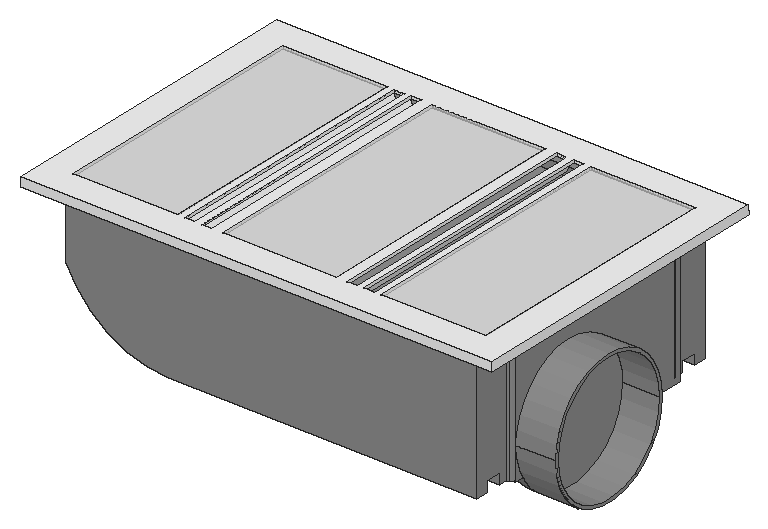
Revit family "Reece_Accessory_Kado_Lux_3 in 1 Heat Lamp, Exhaust Fan and LED", category Mechanical Equipment, host Face, Revit 2018
Family settings
  Host = Face
  Round Connector Dimension = Use Diameter
  Classification = None
  Part Type = Normal
  Cut with Voids When Loaded = No
  Shared = Yes
  Room Calculation Point = Yes
Parameters (values of type "530 mm x 360 mm_White")
  URL = "https://www.reece.com.au/product/-2053301"
  Type Comments = "Accessory"
  Reece_Product_Web Page = "https://www.reece.com.au/product/-2053301"
  Reece_Product_Type = "Accessory"  # constant formula
  Reece_Product_Sub Brand = "Lux"  # constant formula
  Reece_Product_Number = "2053301"
  Reece_Product_Mount = "Ceiling Mounted"
  Reece_Product_Description = "Kado Lux 3-in-1 Heat Lamp Exhaust White"
  Reece_Product_Brand = "Kado"  # constant formula
  Reece_Overall_Width = 530 mm  # constant formula
  Reece_Overall_Length = 360 mm  # constant formula
  Reece_Mechanical_Max Airflow = 330 m³/h  # constant formula
  Reece_Mechanical_Duct_Diameter = 150 mm  # constant formula
  Reece_Material_Secondary = Reece_Metal_Galvanised
  Reece_Material_Colour = Reece_Plastic_Frosted
  Reece_Material_Base = Reece_Glass_Frosted
  Reece_Material-Main = Reece_Metal_White
  Reece_Installation_Minimum Depth = 220 mm  # constant formula
  Reece_Equipment_Weight = 7.86 kg  # constant formula
  Reece_Electrical_Voltage_Min = 220 V  # constant formula
  Reece_Electrical_Voltage_Max = 240 V  # constant formula
  Reece_Electrical_Voltage = 240 V  # constant formula
  Reece_Electrical_LED Light_Wattage = 18 W  # constant formula
  Reece_Electrical_IP Rating = "IPX4"  # constant formula
  Reece_Electrical_Heat_Wattage = 800 W  # constant formula
  Reece_Electrical_Frequency = 50 Hz  # constant formula
  Reece_Electrical_Fan Power_Wattage = 65 W  # constant formula
  Reece_Detail_Note = "Electrical input required. Refer to web page for further details."  # constant formula
  Reece_Detail_Installation = "3 in 1 Heater, Exhaust Fan and LED"  # constant formula
  Reece_Detail_Disclaimer = "THIS FILE IS THE PROPERTY OF THE REECE GROUP. IT MAY NOT BE REPRODUCED, REVERSE-ENGINEERED OR MODIFIED. ANY REPUBLICATION, TRANSMISSION OR DISTRIBUTION FOR THE PURPOSE OF COMMERCIALLY EXPLOITING THE FILES IS PROHIBITED."  # constant formula
  Reece_Detail_Connector = "Hardwired"  # constant formula
  Reece_Ceiling_Cutout_Width = 505 mm  # constant formula
  Reece_Ceiling_Cutout_Length = 330 mm  # constant formula
  Model = "Lux"
  Manufacturer = "Kado"
  Keynote = "Product #2053301, Reece_Accessory_Kado_Lux_3 in 1 Heat Lamp, Exhaust Fan and LED - 530 mm x 360 mm_White"
  Disclaimer = "THIS FILE IS THE PROPERTY OF THE REECE GROUP. IT MAY NOT BE REPRODUCED, REVERSE-ENGINEERED OR MODIFIED. ANY REPUBLICATION, TRANSMISSION OR DISTRIBUTION FOR THE PURPOSE OF COMMERCIALLY EXPLOITING THE FILES IS PROHIBITED."  # constant formula
  Description = "Kado Lux 3-in-1 Heat Lamp Exhaust White"
  Default Elevation = 0 mm
Types (2, lengths in mm): name | Keynote
  (no name) | "Product #2053301, Reece_Accessory_Kado_Lux_3 in 1 Heat Lamp, Exhaust Fan and LED -  "
  530 mm x 360 mm_White | "Product #2053301, Reece_Accessory_Kado_Lux_3 in 1 Heat Lamp, Exhaust Fan and LED - 530 mm x 360 mm_White"
Reference planes
  plane 1 "Center (Front/Back)": y = -79.125
  plane 2 "Ceiling": z = 0
  plane 3 "Center (Left/Right)": x = 0
  plane 4: y = 100.875
  plane 5: x = 265
  plane 6: x = -265
  plane 7: y = -259.125
  plane 8: y = 85.875
  plane 9: y = -244.125
  plane 10: x = -252.5
  plane 11: x = 252.5
  plane 12: x = -64
  plane 13: x = 64
  plane 14 "Light Source": z = 10
  plane 15: z = -195
  plane 16: z = -220
Forms (mm)
  Sweep 1, solid, material "Reece_Metal_White" <- "Reece_Material-Main"
    path origin (0, 0, 10) x (1, 0, 0) y (0, 1, 0)
      loop
        line (-265, 100.875) -> (-265, -259.125) -> (265, -259.125) -> (265, 100.875) -> (-265, 100.875)
    profile origin (-265, -79.125, 10) x (1, 0, 0) y (0, 0, 1)
      loop
        line (0, -10) -> (3, -10) -> (3, -3) -> (33, -3) -> (33, 0) -> (0, 0) -> (0, -10)
  Extrusion 2, void
    sketch origin (0, 0, 0) x (1, 0, 0) y (0, 1, 0)
      loop
        line (-252.5, 85.875) -> (-252.5, -244.125) -> (252.5, -244.125) -> (252.5, 85.875) -> (-252.5, 85.875)
    from 0 to -220
  Extrusion 3, solid, material "Reece_Metal_White" <- "Reece_Material-Main"
    sketch origin (0, -163.125, 10) x (1, 0, 0) y (0, 0, 1)
      loop
        line (95, 0) -> (88, 0) -> (88, -3) -> (89.311, -3) -> (83.009, -15) -> (86.398, -15) -> (92.699, -3) -> (95, -3) -> (95, 0)
      loop
        line (64, 0) -> (64, -3) -> (76, -3) -> (76, 0) -> (64, 0)
      loop
        line (114, 0) -> (107, 0) -> (107, -3) -> (108.311, -3) -> (102.009, -15) -> (105.398, -15) -> (111.699, -3) -> (114, -3) -> (114, 0)
      loop
        line (-95, 0) -> (-95, -3) -> (-92.699, -3) -> (-86.398, -15) -> (-83.009, -15) -> (-89.311, -3) -> (-88, -3) -> (-88, 0) -> (-95, 0)
      loop
        line (-64, 0) -> (-76, 0) -> (-76, -3) -> (-64, -3) -> (-64, 0)
      loop
        line (-114, 0) -> (-114, -3) -> (-111.699, -3) -> (-105.398, -15) -> (-102.009, -15) -> (-108.311, -3) -> (-107, -3) -> (-107, 0) -> (-114, 0)
    from 63 to -231
  Extrusion 4, solid, material "Reece_Plastic_Frosted" <- "Reece_Material_Colour"
    sketch origin (0, 0, 0) x (1, 0, 0) y (0, 1, 0)
      loop
        line (-64, 67.875) -> (-64, -226.125) -> (64, -226.125) -> (64, 67.875) -> (-64, 67.875)
    from 8 to 10
  Extrusion 5, solid, material "Reece_Glass_Frosted" <- "Reece_Material_Base"
    sketch origin (0, 0, 0) x (1, 0, 0) y (0, 1, 0)
      loop
        line (-232, 67.875) -> (-232, -226.125) -> (-114, -226.125) -> (-114, 67.875) -> (-232, 67.875)
      loop
        line (232, 67.875) -> (114, 67.875) -> (114, -226.125) -> (232, -226.125) -> (232, 67.875)
    from 8 to 10
  Extrusion 6, solid, material "Reece_Metal_White" <- "Reece_Material-Main"
    sketch origin (0, 0, 0) x (1, 0, 0) y (0, 1, 0)
      loop
        line (-234, 69.875) -> (-234, -228.125) -> (-112, -228.125) -> (-112, 69.875) -> (-234, 69.875)
      loop
        line (234, 69.875) -> (112, 69.875) -> (112, -228.125) -> (234, -228.125) -> (234, 69.875)
      loop
        line (-66, 69.875) -> (-66, -228.125) -> (66, -228.125) -> (66, 69.875) -> (-66, 69.875)
    from 5 to 7
Cuts and joins
  joined: Sweep 1, Extrusion 3
Text (mm)
  text "Reece Copyright © 2018, Reece Ltd." at (364.915, -526.77, 0), in view "Ref. Level"
  text "Reece ©" at (-396.621, -854.08, -479.68), in view "Reece Preview"
Dimensions and locks
  equal spacing: plane 6, plane 3 "Center (Left/Right)", plane 5
  equal spacing: plane 4, plane 1 "Center (Front/Back)", plane 7
  "Reece_Overall_Width": plane 6 to plane 5
  "Reece_Overall_Length": plane 4 to plane 7
  "Reece_Ceiling_Cutout_Length": plane 8 to plane 9
  equal spacing: plane 8, plane 1 "Center (Front/Back)", plane 9
  "Reece_Ceiling_Cutout_Width": plane 10 to plane 11
  equal spacing: plane 10, plane 3 "Center (Left/Right)", plane 11
  plane 14 "Light Source" to level = 10 mm
  level to plane 15 = 195 mm
  "Reece_Installation_Minimum Depth": level to plane 16
  aligned and locked: plane 2 "Ceiling" to host face
  aligned and locked: level to host face
  aligned and locked: plane 6 to Sweep 1 sketch curve
  aligned and locked: Sweep 1 sketch curve to plane 4
  aligned and locked: Sweep 1 sketch curve to plane 5
  aligned and locked: Sweep 1 sketch curve to plane 7
  aligned and locked: cut or joined group of Sweep 1, Extrusion 3 to cut or joined group of Sweep 1, Extrusion 3  (x2)
Automatic sketch dimensions
  host sketch curve to host sketch curve = 696.216 mm
  host sketch curve to host sketch curve = 618.927 mm
  profile plane to Sweep 1 sketch curve = 0 mm
  Sweep 1 sketch curve to profile plane = 0 mm
  Sweep 1 sketch curve to profile plane = 3 mm  (x2)
  Sweep 1 sketch curve to Sweep 1 sketch curve = 30 mm
  Sweep 1 sketch curve to Sweep 1 sketch curve = 7 mm
  Extrusion 2 sketch curve to plane 6 = 12.5 mm
  Extrusion 2 sketch curve to plane 5 = 12.5 mm
  Extrusion 2 sketch curve to plane 7 = 15 mm
  Extrusion 2 sketch curve to plane 4 = 15 mm
  Extrusion 3 sketch curve to plane 12 = 0 mm
  Extrusion 3 sketch curve to plane 13 = 0 mm
  Extrusion 3 sketch curve to Extrusion 3 sketch curve = 12 mm  (x5)
  Extrusion 3 sketch curve to level = 5 mm  (x4)
  Extrusion 3 sketch curve to Extrusion 3 sketch curve = 7.009 mm  (x4)
  Extrusion 3 sketch curve to Extrusion 3 sketch curve = 3.389 mm  (x8)
  level to Extrusion 3 sketch curve = 7 mm  (x6)
  Extrusion 3 sketch curve to Extrusion 3 sketch curve = 1.311 mm  (x4)
  Extrusion 3 sketch curve to Extrusion 3 sketch curve = 2.301 mm  (x4)
  plane 13 to Extrusion 3 sketch curve = 12 mm
  Extrusion 3 sketch curve to Extrusion 3 sketch curve = 0 mm  (x4)
  Extrusion 3 sketch curve to Extrusion 3 sketch curve = 3 mm  (x6)
  Extrusion 4 sketch curve to plane 12 = 0 mm
  Extrusion 4 sketch curve to plane 13 = 0 mm
  Extrusion 4 sketch curve to plane 9 = 18 mm
  Extrusion 4 sketch curve to plane 8 = 18 mm
  Extrusion 5 sketch curve to plane 10 = 20.5 mm
  Extrusion 5 sketch curve to plane 9 = 18 mm  (x2)
  Extrusion 5 sketch curve to plane 12 = 50 mm
  plane 13 to Extrusion 5 sketch curve = 50 mm
  Extrusion 5 sketch curve to plane 11 = 20.5 mm
  Extrusion 5 sketch curve to plane 8 = 18 mm  (x2)
  Extrusion 6 sketch curve to plane 10 = 18.5 mm
  Extrusion 6 sketch curve to plane 9 = 16 mm  (x3)
  Extrusion 6 sketch curve to plane 12 = 48 mm
  Extrusion 6 sketch curve to plane 12 = 2 mm
  plane 13 to Extrusion 6 sketch curve = 2 mm
  Extrusion 6 sketch curve to plane 8 = 16 mm  (x3)
  Extrusion 6 sketch curve to Extrusion 6 sketch curve = 46 mm
  Extrusion 6 sketch curve to plane 11 = 18.5 mm
Nested families
  nested 1: "Reece_Accessory_Kado_Lux_3 in 1 Heat Lamp, Exhaust Fan and LED_Nested" at (0, 0, 0), Reece_Material_Secondary <- "Reece_Material_Secondary", type "Reece_Accessory_Kado_Lux_3 in 1 Heat Lamp, Exhaust Fan and LED_Nested"
    with Reece_Material_Secondary Reece_Metal_Galvanised
  nested 2: "Reece_Accessory_Kado_Lux_3 in 1 Heat Lamp_LED Panel" at (0, -79.125, 10), Reece_Electrical_LED Light_Wattage <- "Reece_Electrical_LED Light_Wattage", type "Reece_Accessory_Kado_Lux_3 in 1 Heat Lamp_LED Panel"
    with Reece_Electrical_LED Light_Wattage 18 W
  nested 3: "Reece_Accessory_Kado_Lux_3 in 1 Heat Lamp" at (173, -79.125, 10) x (-1, 0, 0) z (0, 0, 1), Reece_Electrical_Heat_Wattage <- "Reece_Electrical_Heat_Wattage", type "Reece_Accessory_Kado_Lux_3 in 1 Heat Lamp"
  nested 4: "Reece_Accessory_Kado_Lux_3 in 1 Heat Lamp" at (-173, -79.125, 10), Reece_Electrical_Heat_Wattage <- "Reece_Electrical_Heat_Wattage", type "Reece_Accessory_Kado_Lux_3 in 1 Heat Lamp"
Connectors
  electrical at (-138.217, -79.125, -135), driven by "Reece_Electrical_Voltage"
    settings: on nested 1, index 2, voltage 240 V, apparent load 0 VA, apparent load phase1 0 VA, apparent load phase2 0 VA, apparent load phase3 0 VA, power factor 1, load classification "HVAC", number of poles 1, system type 30, power factor state 1, is connector primary yes, connector utility no, sub classification motor no, connector description ""
  hvac at (242.5, -119.973, -110.955), driven by "Reece_Mechanical_Duct_Diameter", driven by "Reece_Mechanical_Max Airflow"
    settings: on nested 1, index 3, duct flow 330 m³/h, flow factor 0, pres drop 0.0 Pa, loss coef 0, conn angle 0.00°, conn width 304.8 mm, conn height 304.8 mm, conn diameter 150 mm, duct sys type 3, conn prof type 0, flow config 1, flow direction 2, loss method 0, conn ref index -1, conn util no, is conn primary yes, conn desc ""
Definition of nested family "Reece_Accessory_Kado_Lux_3 in 1 Heat Lamp, Exhaust Fan and LED_Nested"
  Parameters (values of type "Reece_Accessory_Kado_Lux_3 in 1 Heat Lamp, Exhaust Fan and LED_Nested")
    URL = ""
    Type Comments = ""
    Reece_Material_Secondary [instance] = none
    Model = ""
    Manufacturer = ""
    Keynote = ""
    Description = ""
    Default Elevation = 0 mm
    Cost = 0
    Assembly Code = ""
  Reference planes
    plane 1 "Center (Front/Back)": y = -79.125
    plane 2: z = 0
    plane 3 "Center (Left/Right)": x = 0
    plane 4: y = 80.875
    plane 5: y = -239.125
    plane 6: z = -195
    plane 7 "Outlet Centre": y = -119.973
    plane 8: x = -240
    plane 9: x = 240
  Forms (mm)
    Extrusion 1, solid
      sketch origin (619.2, -619.2, 0) x (1, 0, 0) y (0, 1, 0)
        loop
          line (-961.127, 847.842) -> (-961.127, 228.915) -> (-264.911, 228.915) -> (-264.911, 847.842) -> (-961.127, 847.842)
      from 0 to -10
    Extrusion 2, solid, material <- "Reece_Material_Secondary"
      sketch origin (195, -199.973, -179.522) x (0, 1, 0) y (0, 0, 1)
        loop
          circle (80, 68.567) r 75
      from 45 to 90
    Extrusion 3, void
      sketch origin (194.5, -199.973, -179.522) x (0, 1, 0) y (0, 0, 1)
        loop
          circle (80, 68.567) r 72
      from 48 to 101.628
    Extrusion 4, solid, material <- "Reece_Material_Secondary"
      sketch origin (0, 0, 10) x (0, 1, 0) y (0, 0, 1)
        loop
          line (80.875, -10) -> (-239.125, -10) -> (-239.125, -158) -> (-224.812, -158) -> (-224.812, -146) -> (-206.812, -146) -> (-206.812, -158) -> (-23.295, -158) -> (48.563, -158) -> (48.563, -146) -> (66.563, -146) -> (66.563, -158) -> (80.875, -158) -> (80.875, -10)
      from 240 to -104.5
    Extrusion 5, solid, material <- "Reece_Material_Secondary"
      sketch origin (13, -79.125, 10) x (1, 0, 0) y (0, 0, 1)
        loop
          line (-252.5, -10) -> (-252.5, -32.133)
          arc (-252.5, -32.133) -> (-215.634, -121.134) -> (-126.633, -158) r 125.867
          line (-126.633, -158) -> (-117.5, -158) -> (-117.5, -10) -> (-252.5, -10)
      from 160 to -160
    Extrusion 6, void
      sketch origin (-7.809, -158.249, 0) x (-1, 0, 0) y (0, -1, 0)
        loop
          line (231.691, -240.459) -> (231.691, -194.085) -> (230.709, -194.085)
          arc (230.709, -194.085) -> (224.332, -196.726) -> (221.691, -203.103) r 9.017
          line (221.691, -203.103) -> (221.691, -249.125) -> (223.026, -249.125)
          arc (223.026, -249.125) -> (229.153, -246.587) -> (231.691, -240.459) r 8.665
      from -5.355 to -220
    Extrusion 7, void
      sketch origin (-7.809, 0, 0) x (-1, 0, 0) y (0, -1, 0)
        loop
          arc (231.691, 240.459) -> (229.153, 246.587) -> (223.026, 249.125) r 8.665
          line (223.026, 249.125) -> (221.691, 249.125) -> (221.691, 203.103)
          arc (221.691, 203.103) -> (224.332, 196.726) -> (230.709, 194.085) r 9.017
          line (230.709, 194.085) -> (231.691, 194.085) -> (231.691, 240.459)
      from -5.355 to -220
    Extrusion 8, void
      sketch origin (2.5, 0, 0) x (1, 0, 0) y (0, 1, 0)
        loop
          line (-107, 40.875) -> (-143.309, 40.875)
          arc (-143.309, 40.875) -> (-168.058, 30.624) -> (-178.309, 5.875) r 35
          line (-178.309, 5.875) -> (-178.309, -159.339) -> (-178.309, -164.125)
          arc (-178.309, -164.125) -> (-168.058, -188.873) -> (-143.309, -199.125) r 35
          line (-143.309, -199.125) -> (-107, -199.125) -> (-107, 40.875)
      from -135 to -222
    Extrusion 9, solid, material <- "Reece_Material_Secondary"
      sketch origin (0, 13.76, 0) x (1, 0, 0) y (0, 1, 0)
        loop
          line (-104.5, -95.625) -> (-25, -95.625) -> (-25, -62.625) -> (-104.5, -62.625) -> (-104.5, -95.625)
      from -148 to -162
    Extrusion 10, solid, material <- "Reece_Material_Secondary"
      sketch origin (15, 25.01, 0) x (1, 0, 0) y (0, 1, 0)
        loop
          circle (33.842, -91.537) r 58
      from -192 to -195
    Extrusion 11, void
      sketch origin (14.035, 43.16, 0) x (1, 0, 0) y (0, 1, 0)
        loop
          arc (32.807, -90.734) -> (34.807, -92.734) -> (36.807, -90.734) r 2
          line (36.807, -90.734) -> (36.807, -58.687)
          arc (36.807, -58.687) -> (34.807, -56.687) -> (32.807, -58.687) r 2
          line (32.807, -58.687) -> (32.807, -90.734)
        loop
          arc (40.688, -91.559) -> (41.702, -94.199) -> (44.342, -93.186) r 2
          line (44.342, -93.186) -> (57.377, -63.909)
          arc (57.377, -63.909) -> (56.364, -61.269) -> (53.723, -62.282) r 2
          line (53.723, -62.282) -> (40.688, -91.559)
        loop
          arc (47.553, -95.518) -> (47.405, -98.343) -> (50.23, -98.491) r 2
          line (50.23, -98.491) -> (74.045, -77.047)
          arc (74.045, -77.047) -> (74.193, -74.223) -> (71.369, -74.075) r 2
          line (71.369, -74.075) -> (47.553, -95.518)
        loop
          arc (52.22, -117.431) -> (49.488, -118.163) -> (50.22, -120.895) r 2
          line (50.22, -120.895) -> (77.974, -136.919)
          arc (77.974, -136.919) -> (80.706, -136.187) -> (79.974, -133.455) r 2
          line (79.974, -133.455) -> (52.22, -117.431)
        loop
          arc (47.565, -123.844) -> (44.771, -123.402) -> (44.329, -126.195) r 2
          line (44.329, -126.195) -> (63.166, -152.122)
          arc (63.166, -152.122) -> (65.959, -152.565) -> (66.402, -149.771) r 2
          line (66.402, -149.771) -> (47.565, -123.844)
        loop
          arc (52.214, -101.928) -> (50.93, -104.448) -> (53.45, -105.732) r 2
          line (53.45, -105.732) -> (83.928, -95.829)
          arc (83.928, -95.829) -> (85.213, -93.309) -> (82.692, -92.025) r 2
          line (82.692, -92.025) -> (52.214, -101.928)
        loop
          arc (53.865, -109.679) -> (51.667, -111.459) -> (53.447, -113.657) r 2
          line (53.447, -113.657) -> (85.318, -117.007)
          arc (85.318, -117.007) -> (87.516, -115.227) -> (85.736, -113.029) r 2
          line (85.736, -113.029) -> (53.865, -109.679)
        loop
          arc (40.703, -127.81) -> (38.331, -126.269) -> (36.791, -128.641) r 2
          line (36.791, -128.641) -> (43.454, -159.988)
          arc (43.454, -159.988) -> (45.826, -161.529) -> (47.366, -159.156) r 2
          line (47.366, -159.156) -> (40.703, -127.81)
        loop
          arc (25.284, -126.195) -> (24.842, -123.402) -> (22.048, -123.844) r 2
          line (22.048, -123.844) -> (3.211, -149.771)
          arc (3.211, -149.771) -> (3.654, -152.565) -> (6.448, -152.122) r 2
          line (6.448, -152.122) -> (25.284, -126.195)
        loop
          arc (19.393, -120.895) -> (20.125, -118.163) -> (17.393, -117.431) r 2
          line (17.393, -117.431) -> (-10.361, -133.455)
          arc (-10.361, -133.455) -> (-11.093, -136.187) -> (-8.361, -136.919) r 2
          line (-8.361, -136.919) -> (19.393, -120.895)
        loop
          arc (16.167, -113.657) -> (17.947, -111.459) -> (15.748, -109.679) r 2
          line (15.748, -109.679) -> (-16.123, -113.029)
          arc (-16.123, -113.029) -> (-17.903, -115.227) -> (-15.705, -117.007) r 2
          line (-15.705, -117.007) -> (16.167, -113.657)
        loop
          arc (32.822, -128.641) -> (31.282, -126.269) -> (28.91, -127.81) r 2
          line (28.91, -127.81) -> (22.247, -159.156)
          arc (22.247, -159.156) -> (23.787, -161.529) -> (26.159, -159.988) r 2
          line (26.159, -159.988) -> (32.822, -128.641)
        loop
          arc (19.384, -98.491) -> (22.208, -98.343) -> (22.06, -95.518) r 2
          line (22.06, -95.518) -> (-1.756, -74.075)
          arc (-1.756, -74.075) -> (-4.58, -74.223) -> (-4.432, -77.047) r 2
          line (-4.432, -77.047) -> (19.384, -98.491)
        loop
          arc (25.271, -93.186) -> (27.911, -94.199) -> (28.925, -91.559) r 2
          line (28.925, -91.559) -> (15.89, -62.282)
          arc (15.89, -62.282) -> (13.25, -61.269) -> (12.236, -63.909) r 2
          line (12.236, -63.909) -> (25.271, -93.186)
        loop
          arc (16.163, -105.732) -> (18.683, -104.448) -> (17.399, -101.928) r 2
          line (17.399, -101.928) -> (-13.079, -92.025)
          arc (-13.079, -92.025) -> (-15.599, -93.309) -> (-14.315, -95.829) r 2
          line (-14.315, -95.829) -> (16.163, -105.732)
      from -179.573 to -221.367
    Extrusion 12, void
      sketch origin (15, 25.01, 0) x (1, 0, 0) y (0, 1, 0)
        loop
          circle (33.842, -91.537) r 73
      from -100 to -160
    Extrusion 13, void
      sketch origin (13, -79.125, 10) x (1, 0, 0) y (0, 0, 1)
        loop
          line (-117.5, -146) -> (-126.633, -146)
          arc (-126.633, -146) -> (-187.326, -128.477) -> (-229.338, -81.3) r 113.867
          line (-229.338, -81.3) -> (-253.292, -81.3)
          arc (-253.292, -81.3) -> (-199.565, -146.766) -> (-117.5, -167.693) r 135.867
          line (-117.5, -167.693) -> (-117.5, -146)
      from -127.688 to -145.688
    Extrusion 14, void
      sketch origin (13, -79.125, 10) x (1, 0, 0) y (0, 0, -1)
        loop
          line (-117.5, 146) -> (-117.5, 167.693)
          arc (-117.5, 167.693) -> (-199.565, 146.766) -> (-253.292, 81.3) r 135.867
          line (-253.292, 81.3) -> (-229.338, 81.3)
          arc (-229.338, 81.3) -> (-187.326, 128.477) -> (-126.633, 146) r 113.867
          line (-126.633, 146) -> (-117.5, 146)
      from -127.688 to -145.688
    Extrusion 15, void
      sketch origin (8.309, 0, 10) x (1, 0, 0) y (0, 1, 0)
        loop
          line (231.691, -240.459) -> (231.691, -194.085) -> (230.709, -194.085)
          arc (230.709, -194.085) -> (227.687, -194.607) -> (225.015, -196.111) r 9.017
          arc (225.015, -196.111) -> (224.039, -197.353) -> (223.691, -198.895) r 3.591
          line (223.691, -198.895) -> (223.691, -249.099)
          arc (223.691, -249.099) -> (229.384, -246.347) -> (231.691, -240.459) r 8.665
        loop
          arc (231.691, 82.21) -> (229.384, 88.097) -> (223.691, 90.85) r 8.665
          line (223.691, 90.85) -> (223.691, 40.645)
          arc (223.691, 40.645) -> (224.039, 39.104) -> (225.015, 37.861) r 3.591
          arc (225.015, 37.861) -> (227.687, 36.357) -> (230.709, 35.836) r 9.017
          line (230.709, 35.836) -> (231.691, 35.836) -> (231.691, 82.21)
      from -5.355 to -220
    Extrusion 16, solid, material <- "Reece_Material_Secondary"
      sketch origin (15, 25.01, 0) x (1, 0, 0) y (0, 1, 0)
        loop
          circle (33.842, -91.537) r 78
      from -148 to -162
    Extrusion 17, solid, material <- "Reece_Material_Secondary"
      sketch origin (15, 25.01, 0) x (1, 0, 0) y (0, 1, 0)
        loop
          circle (33.842, -91.537) r 58
        loop
          circle (33.842, -91.537) r 55
      from -192 to -162
    Revolve 18, solid, material <- "Reece_Material_Secondary"
      sketch origin (-12.5, -119.973, 0) x (1, 0, 0) y (0, 0, 1)
        loop
          line (252.5, -185.955) -> (252.5, -136) -> (181.805, -136)
          arc (181.805, -136) -> (209.218, -172.206) -> (252.5, -185.955) r 75
        axis (252.5, -185.955) -> (252.5, -136)
      angle from -90 to 90
    Extrusion 19, void
      sketch origin (13, -79.125, 10) x (1, 0, 0) y (0, 0, 1)
        loop
          line (-223.427, -127.479) -> (-223.427, -110.02)
          arc (-223.427, -110.02) -> (-232.917, -96.256) -> (-240.389, -81.3) r 119.285
          line (-240.389, -81.3) -> (-253.292, -81.3)
          arc (-253.292, -81.3) -> (-240.72, -105.916) -> (-223.427, -127.479) r 135.867
      from -75 to 75
    Extrusion 20, void
      sketch origin (0, 0, 0) x (1, 0, 0) y (0, 1, 0)
        loop
          line (220, 68.875) -> (-228, 68.875) -> (-228, -227.125) -> (220, -227.125) -> (220, 68.875)
      from 0 to -10
  Cuts and joins
    Extrusion 11, Extrusion 12, Extrusion 15, Extrusion 19 cuts Extrusion 10
    Extrusion 19 cuts Extrusion 17
    joined: Extrusion 10, Extrusion 17
    Extrusion 3, Extrusion 19, Extrusion 20 cuts Extrusion 2
    Extrusion 3, Extrusion 12, Extrusion 15, Extrusion 19, Extrusion 20 cuts Extrusion 4
    Extrusion 6, Extrusion 7, Extrusion 8, Extrusion 13, Extrusion 14, Extrusion 19, Extrusion 20 cuts Extrusion 5
    Extrusion 19, Extrusion 20 cuts Extrusion 9
    Extrusion 12, Extrusion 19, Extrusion 20 cuts Extrusion 16
    Extrusion 19, Extrusion 20 cuts Revolve 18
    joined: Extrusion 2, Extrusion 4, Extrusion 5, Extrusion 9, Extrusion 16, Revolve 18
  Text (mm)
    text "Reece Copyright © 2018, Reece Ltd." at (-1108.834, -679.227, 0), in view "Ref. Level"
    text "Reece ©" at (78.306, 240.076, 139.55), in view "Reece Preview"
  Dimensions and locks
    plane 4 to plane 5 = 320 mm
    equal spacing: plane 4, plane 1 "Center (Front/Back)", plane 5
    plane 2 to plane 6 = 195 mm  (x2)
    equal spacing: plane 8, plane 3 "Center (Left/Right)", plane 9
    plane 8 to plane 9 = 480 mm
    aligned and locked: plane 2 to Extrusion 1
    aligned and locked: level to Extrusion 1
  Automatic sketch dimensions
    Extrusion 1 sketch curve to Extrusion 1 sketch curve = 696.216 mm
    Extrusion 1 sketch curve to Extrusion 1 sketch curve = 618.927 mm
    plane 1 "Center (Front/Back)" to Extrusion 2 sketch curve = 40.848 mm
    plane 1 "Center (Front/Back)" to Extrusion 3 sketch curve = 40.848 mm
    Extrusion 4 sketch curve to plane 5 = 0 mm
    Extrusion 4 sketch curve to plane 4 = 0 mm
    Extrusion 4 sketch curve to plane 5 = 14.312 mm
    Extrusion 4 sketch curve to plane 1 "Center (Front/Back)" = 55.829 mm
    Extrusion 4 sketch curve to plane 4 = 14.312 mm
    Extrusion 5 sketch curve to Extrusion 5 sketch curve = 9.133 mm
    Extrusion 6 sketch curve to Extrusion 6 sketch curve = 0.983 mm
    plane 4 to Extrusion 6 sketch curve = 1.335 mm
    Extrusion 6 sketch curve to Extrusion 6 sketch curve = 8.665 mm
    Extrusion 6 sketch curve to Extrusion 6 sketch curve = 9.017 mm
    Extrusion 7 sketch curve to Extrusion 7 sketch curve = 0.983 mm
    Extrusion 7 sketch curve to plane 5 = 1.335 mm
    Extrusion 7 sketch curve to Extrusion 7 sketch curve = 8.665 mm
    Extrusion 8 sketch curve to Extrusion 8 sketch curve = 35 mm  (x2)
    Extrusion 8 sketch curve to Extrusion 8 sketch curve = 36.309 mm
    Extrusion 9 sketch curve to plane 3 "Center (Left/Right)" = 104.5 mm
    Extrusion 9 sketch curve to plane 3 "Center (Left/Right)" = 25 mm
    Extrusion 9 sketch curve to plane 1 "Center (Front/Back)" = 30.26 mm
    Extrusion 10 sketch curve to plane 1 "Center (Front/Back)" = 12.598 mm
    plane 3 "Center (Left/Right)" to Extrusion 10 sketch curve = 48.842 mm
    Extrusion 12 sketch curve to plane 1 "Center (Front/Back)" = 12.598 mm
    plane 3 "Center (Left/Right)" to Extrusion 12 sketch curve = 48.842 mm
    Extrusion 13 sketch curve to Extrusion 13 sketch curve = 9.133 mm
    Extrusion 14 sketch curve to Extrusion 14 sketch curve = 9.133 mm
    Extrusion 4 sketch curve to Extrusion 4 sketch curve = 12 mm  (x4)
    Extrusion 2 sketch curve to level = 110.955 mm
    Extrusion 3 sketch curve to level = 110.955 mm
    Extrusion 4 sketch curve to level = 148 mm
    Extrusion 4 sketch curve to level = 0 mm
    Extrusion 5 sketch curve to level = 148 mm
    Extrusion 5 sketch curve to level = 0 mm
    Extrusion 13 sketch curve to Extrusion 13 sketch curve = 21.693 mm
    Extrusion 14 sketch curve to level = 71.3 mm
    plane 1 "Center (Front/Back)" to Extrusion 9 sketch curve = 2.74 mm
    Extrusion 4 sketch curve to Extrusion 4 sketch curve = 18 mm  (x2)
    Extrusion 6 sketch curve to plane 4 = 36.022 mm
    Extrusion 7 sketch curve to Extrusion 7 sketch curve = 9.017 mm
    plane 5 to Extrusion 7 sketch curve = 36.022 mm
    plane 1 "Center (Front/Back)" to Extrusion 8 sketch curve = 80.215 mm
    Extrusion 5 sketch curve to level = 22.133 mm
    Extrusion 16 sketch curve to plane 1 "Center (Front/Back)" = 12.598 mm
    plane 3 "Center (Left/Right)" to Extrusion 16 sketch curve = 48.842 mm
    Extrusion 11 sketch curve to plane 3 "Center (Left/Right)" = 2.088 mm
    Extrusion 11 sketch curve to plane 3 "Center (Left/Right)" = 1.879 mm
    Extrusion 11 sketch curve to plane 3 "Center (Left/Right)" = 1.67 mm
    Extrusion 11 sketch curve to plane 3 "Center (Left/Right)" = 0.28 mm
    plane 3 "Center (Left/Right)" to Extrusion 11 sketch curve = 0.338 mm
    plane 3 "Center (Left/Right)" to Extrusion 11 sketch curve = 0.956 mm
    plane 3 "Center (Left/Right)" to Extrusion 11 sketch curve = 3.675 mm
    Extrusion 11 sketch curve to Extrusion 11 sketch curve = 1 mm  (x8)
    plane 3 "Center (Left/Right)" to Extrusion 11 sketch curve = 9.603 mm
    Extrusion 11 sketch curve to Extrusion 11 sketch curve = 1.338 mm  (x8)
    plane 3 "Center (Left/Right)" to Extrusion 11 sketch curve = 17.247 mm
    Extrusion 11 sketch curve to Extrusion 11 sketch curve = 1.618 mm  (x8)
    Extrusion 11 sketch curve to Extrusion 11 sketch curve = 13.991 mm  (x2)
    Extrusion 11 sketch curve to Extrusion 11 sketch curve = 1.827 mm  (x8)
    Extrusion 11 sketch curve to plane 1 "Center (Front/Back)" = 12.606 mm  (x2)
    plane 3 "Center (Left/Right)" to Extrusion 11 sketch curve = 29.784 mm
    Extrusion 11 sketch curve to Extrusion 11 sketch curve = 0.209 mm  (x6)
    Extrusion 11 sketch curve to Extrusion 11 sketch curve = 0.415 mm
    Extrusion 11 sketch curve to plane 1 "Center (Front/Back)" = 8.628 mm  (x2)
    Extrusion 11 sketch curve to Extrusion 11 sketch curve = 0.618 mm  (x6)
    Extrusion 11 sketch curve to plane 1 "Center (Front/Back)" = 4.854 mm  (x2)
    Extrusion 11 sketch curve to Extrusion 11 sketch curve = 1.226 mm  (x2)
    Extrusion 11 sketch curve to plane 1 "Center (Front/Back)" = 20.357 mm  (x2)
    Extrusion 11 sketch curve to Extrusion 11 sketch curve = 1.984 mm  (x2)
    Extrusion 11 sketch curve to plane 1 "Center (Front/Back)" = 1.389 mm  (x2)
    plane 1 "Center (Front/Back)" to Extrusion 11 sketch curve = 1.56 mm  (x2)
    Extrusion 11 sketch curve to Extrusion 11 sketch curve = 2.655 mm  (x2)
    Extrusion 11 sketch curve to Extrusion 11 sketch curve = 15.799 mm  (x2)
    Extrusion 11 sketch curve to Extrusion 11 sketch curve = 1.956 mm  (x8)
    Extrusion 11 sketch curve to Extrusion 11 sketch curve = 3.211 mm  (x2)
    plane 1 "Center (Front/Back)" to Extrusion 11 sketch curve = 3.911 mm  (x2)
    plane 1 "Center (Front/Back)" to Extrusion 11 sketch curve = 37.703 mm
    plane 1 "Center (Front/Back)" to Extrusion 11 sketch curve = 5.525 mm  (x2)
    Extrusion 11 sketch curve to Extrusion 11 sketch curve = 3.625 mm  (x2)
    Extrusion 11 sketch curve to plane 1 "Center (Front/Back)" = 30.726 mm
    plane 1 "Center (Front/Back)" to Extrusion 11 sketch curve = 6.357 mm  (x2)
    Extrusion 11 sketch curve to Extrusion 11 sketch curve = 3.968 mm
    Extrusion 11 sketch curve to Extrusion 11 sketch curve = 3.882 mm
    Extrusion 11 sketch curve to Extrusion 11 sketch curve = 17.294 mm
    Extrusion 11 sketch curve to plane 1 "Center (Front/Back)" = 29.099 mm
    plane 1 "Center (Front/Back)" to Extrusion 11 sketch curve = 36.872 mm
    Extrusion 11 sketch curve to plane 1 "Center (Front/Back)" = 26.766 mm
    Extrusion 11 sketch curve to plane 1 "Center (Front/Back)" = 23.794 mm
    Extrusion 11 sketch curve to plane 1 "Center (Front/Back)" = 16.553 mm
    Extrusion 11 sketch curve to Extrusion 11 sketch curve = 16.916 mm  (x2)
    Extrusion 11 sketch curve to plane 1 "Center (Front/Back)" = 58.375 mm
    plane 1 "Center (Front/Back)" to Extrusion 11 sketch curve = 29.838 mm
    plane 1 "Center (Front/Back)" to Extrusion 11 sketch curve = 27.486 mm
    Extrusion 11 sketch curve to plane 1 "Center (Front/Back)" = 45.237 mm
    plane 1 "Center (Front/Back)" to Extrusion 11 sketch curve = 14.634 mm  (x2)
    Extrusion 11 sketch curve to Extrusion 11 sketch curve = 11.572 mm
    plane 1 "Center (Front/Back)" to Extrusion 11 sketch curve = 11.17 mm
    Extrusion 11 sketch curve to plane 1 "Center (Front/Back)" = 30.26 mm
    Extrusion 11 sketch curve to Extrusion 11 sketch curve = 8.647 mm
    Extrusion 11 sketch curve to plane 1 "Center (Front/Back)" = 26.456 mm
    Extrusion 11 sketch curve to plane 1 "Center (Front/Back)" = 5.278 mm  (x2)
    Extrusion 11 sketch curve to Extrusion 11 sketch curve = 5.344 mm
    Extrusion 11 sketch curve to plane 1 "Center (Front/Back)" = 9.256 mm
    Extrusion 11 sketch curve to Extrusion 11 sketch curve = 0.832 mm
    Extrusion 11 sketch curve to Extrusion 11 sketch curve = 0.416 mm
    Extrusion 11 sketch curve to Extrusion 11 sketch curve = 7.034 mm
    Extrusion 11 sketch curve to Extrusion 11 sketch curve = 1.176 mm
    Extrusion 11 sketch curve to Extrusion 11 sketch curve = 1.732 mm
    Extrusion 11 sketch curve to Extrusion 11 sketch curve = 1.989 mm
    Extrusion 11 sketch curve to Extrusion 11 sketch curve = 3.947 mm
    Extrusion 11 sketch curve to Extrusion 11 sketch curve = 3.437 mm
    Extrusion 11 sketch curve to Extrusion 11 sketch curve = 1.486 mm  (x3)
    Extrusion 11 sketch curve to Extrusion 11 sketch curve = 17.2 mm
    Extrusion 11 sketch curve to Extrusion 11 sketch curve = 1.902 mm
    Extrusion 11 sketch curve to Extrusion 11 sketch curve = 2.333 mm
    Extrusion 11 sketch curve to Extrusion 11 sketch curve = 0.813 mm  (x3)
    Extrusion 11 sketch curve to Extrusion 11 sketch curve = 14.977 mm
    Extrusion 11 sketch curve to Extrusion 11 sketch curve = 10.165 mm
    Extrusion 11 sketch curve to Extrusion 11 sketch curve = 3.596 mm
    Extrusion 11 sketch curve to Extrusion 11 sketch curve = 2 mm
    Extrusion 11 sketch curve to Extrusion 11 sketch curve = 0.825 mm
    Extrusion 17 sketch curve to plane 1 "Center (Front/Back)" = 12.598 mm
    plane 3 "Center (Left/Right)" to Extrusion 17 sketch curve = 48.842 mm
    plane 6 to Revolve 18 sketch curve = 9.045 mm
    Revolve 18 sketch curve to Revolve 18 sketch curve = 35.045 mm
    Revolve 18 sketch curve to Revolve 18 sketch curve = 20 mm
    Revolve 18 sketch curve to Revolve 18 sketch curve = 25.045 mm
    plane 6 to Revolve 18 sketch curve = 59 mm
    Extrusion 8 sketch curve to Extrusion 8 sketch curve = 4.785 mm
    Extrusion 8 sketch curve to plane 4 = 75 mm
    Extrusion 19 sketch curve to level = 25.596 mm
    Extrusion 19 sketch curve to Extrusion 19 sketch curve = 3.573 mm
    Extrusion 19 sketch curve to Extrusion 19 sketch curve = 3.463 mm
    Extrusion 19 sketch curve to Extrusion 19 sketch curve = 110.182 mm
    Extrusion 19 sketch curve to level = 71.3 mm
    Extrusion 5 sketch curve to plane 3 "Center (Left/Right)" = 239.5 mm
    Extrusion 6 sketch curve to plane 3 "Center (Left/Right)" = 229.5 mm
    plane 3 "Center (Left/Right)" to Extrusion 7 sketch curve = 229.5 mm
    Extrusion 8 sketch curve to plane 3 "Center (Left/Right)" = 175.809 mm
    Extrusion 13 sketch curve to level = 71.3 mm
    Extrusion 13 sketch curve to plane 3 "Center (Left/Right)" = 240.292 mm
    Extrusion 14 sketch curve to Extrusion 14 sketch curve = 23.954 mm
    Extrusion 19 sketch curve to plane 3 "Center (Left/Right)" = 240.292 mm
    Extrusion 19 sketch curve to Extrusion 19 sketch curve = 12.903 mm
    Extrusion 19 sketch curve to Extrusion 19 sketch curve = 16.962 mm
    plane 3 "Center (Left/Right)" to Revolve 18 sketch curve = 169.305 mm
    Revolve 18 sketch curve to Revolve 18 sketch curve = 0 mm
    Extrusion 15 sketch curve to plane 9 = 0 mm  (x2)
    plane 9 to Extrusion 15 sketch curve = 0.983 mm  (x2)
    plane 9 to Extrusion 15 sketch curve = 4.409 mm  (x2)
    Extrusion 15 sketch curve to Extrusion 15 sketch curve = 3.591 mm
    plane 9 to Extrusion 15 sketch curve = 8 mm
    plane 4 to Extrusion 15 sketch curve = 1.335 mm
    plane 9 to Extrusion 15 sketch curve = 8.665 mm
    plane 5 to Extrusion 15 sketch curve = 1.335 mm
    Extrusion 15 sketch curve to Extrusion 15 sketch curve = 8.665 mm
    Extrusion 15 sketch curve to plane 5 = 36.022 mm
    Extrusion 15 sketch curve to Extrusion 15 sketch curve = 4.208 mm  (x2)
    Extrusion 15 sketch curve to Extrusion 15 sketch curve = 4.809 mm  (x2)
    Extrusion 15 sketch curve to plane 4 = 45.039 mm
    Extrusion 14 sketch curve to plane 3 "Center (Left/Right)" = 113.633 mm  (x2)
    Extrusion 14 sketch curve to level = 22.133 mm
    Extrusion 14 sketch curve to Extrusion 14 sketch curve = 21.693 mm
    Extrusion 14 sketch curve to Extrusion 14 sketch curve = 0 mm
    plane 8 to Extrusion 13 sketch curve = 23.662 mm
    Extrusion 13 sketch curve to plane 3 "Center (Left/Right)" = 113.633 mm
    Extrusion 13 sketch curve to level = 22.133 mm
    Extrusion 13 sketch curve to Extrusion 13 sketch curve = 0 mm
    plane 8 to Extrusion 20 sketch curve = 12 mm
    plane 9 to Extrusion 20 sketch curve = 20 mm
    Extrusion 20 sketch curve to plane 5 = 12 mm
    Extrusion 20 sketch curve to plane 4 = 12 mm
    radius of Extrusion 2 sketch curve = 75 mm
    radius of Extrusion 3 sketch curve = 72 mm
    radius of Extrusion 10 sketch curve = 58 mm
    radius of Extrusion 12 sketch curve = 73 mm
    radius of Extrusion 16 sketch curve = 78 mm
    radius of Extrusion 17 sketch curve = 58 mm
Definition of nested family "Reece_Accessory_Kado_Lux_3 in 1 Heat Lamp_LED Panel"
  Parameters (values of type "Reece_Accessory_Kado_Lux_3 in 1 Heat Lamp_LED Panel")
    Wattage = 10.2395 W
    built-in parameter 1150110 = 1 (stored number, unit not read)
    built-in parameter 1114217 = 1 (stored number, unit not read)
    Tilt Angle = 90.00°
    built-in parameter 1150109 = 1 (stored number, unit not read)
    built-in parameter 1150134 = (empty or 0)
    built-in parameter 1150113 = 1 (stored number, unit not read)
    Reece_Overall_Width = 128 mm
    Reece_Overall_Length = 294 mm
    Reece_Electrical_LED Light_Wattage [instance] = 18 W
    Photometric Web File = "generic"
    built-in parameter 1150142 = (empty or 0)
    built-in parameter 1150105 = 121.04 (stored number, unit not read)
    Lumens = 1521 lm
    built-in parameter 1150115 = 1 (stored number, unit not read)
    built-in parameter 1150137 = (empty or 0)
    built-in parameter 1150139 = (empty or 0)
    built-in parameter 1150112 = 1 (stored number, unit not read)
    built-in parameter 1150114 = 1 (stored number, unit not read)
    built-in parameter 1150132 = 2
    built-in parameter 1150102 = (empty or 0)
    built-in parameter 1150107 = 4200 (stored number, unit not read)
    built-in parameter 1150138 = (empty or 0)
    built-in parameter 1150106 = 1.2104 (stored number, unit not read)
    Emit from Rectangle Width = 128 mm
    Emit from Rectangle Length = 294 mm
    Emit Shape Visible in Rendering = no
    built-in parameter 1150104 = 13.8 (stored number, unit not read)
    Dimming Lamp Color Temperature Shift = (empty or 0)
    Default Elevation = 0 mm
    Color Filter = 16777215
    built-in parameter 1114218 = 1 (stored number, unit not read)
    built-in parameter 1150133 = 10 (stored number, unit not read)
    Apparent Load = 0 VA
  Reference planes
    plane 1 "Light Source Axis (F/B)": y = 0
    plane 2: z = 0
    plane 3 "Light Source Axis (L/R)": x = 0
    plane 4: z = 10
    plane 5: x = -64
    plane 6: x = 64
    plane 7: y = 147
    plane 8: y = -147
  Forms (mm)
    Extrusion 1, solid, not visible
      sketch origin (0, 0, 0) x (1, 0, 0) y (0, 1, 0)
        loop
          line (-64, 147) -> (-64, -147) -> (64, -147) -> (64, 147) -> (-64, 147)
      from 0 to 2
  Dimensions and locks
    "Reece_Overall_Width": plane 5 to plane 6
    equal spacing: plane 5, plane 3 "Light Source Axis (L/R)", plane 6
    equal spacing: plane 8, plane 1 "Light Source Axis (F/B)", plane 7
    "Reece_Overall_Length": plane 8 to plane 7
    aligned and locked: plane 2 to level
  Automatic sketch dimensions
    plane 8 to Extrusion 1 sketch curve = 0 mm
    Extrusion 1 sketch curve to plane 6 = 0 mm
    plane 7 to Extrusion 1 sketch curve = 0 mm
    Extrusion 1 sketch curve to plane 5 = 0 mm
Definition of nested family "Reece_Accessory_Kado_Lux_3 in 1 Heat Lamp"
  Parameters (values of type "Reece_Accessory_Kado_Lux_3 in 1 Heat Lamp")
    Wattage = 8.07853 W
    built-in parameter 1150110 = 1 (stored number, unit not read)
    built-in parameter 1114217 = 1 (stored number, unit not read)
    Tilt Angle = 90.00°
    built-in parameter 1150109 = 1 (stored number, unit not read)
    built-in parameter 1150134 = 12
    built-in parameter 1150113 = 1 (stored number, unit not read)
    Reece_Electrical_Heat_Wattage [instance] = 800 W
    Photometric Web File = "generic"
    built-in parameter 1150142 = (empty or 0)
    built-in parameter 1150105 = 95.493 (stored number, unit not read)
    Lumens = 1200 lm
    built-in parameter 1150115 = 1 (stored number, unit not read)
    built-in parameter 1150137 = (empty or 0)
    built-in parameter 1150139 = (empty or 0)
    built-in parameter 1150112 = 1 (stored number, unit not read)
    built-in parameter 1150114 = 1 (stored number, unit not read)
    built-in parameter 1150132 = 2
    built-in parameter 1150102 = (empty or 0)
    built-in parameter 1150107 = 4000 (stored number, unit not read)
    built-in parameter 1150138 = (empty or 0)
    built-in parameter 1150106 = 0.95493 (stored number, unit not read)
    Emit from Rectangle Width = 118 mm
    Emit from Rectangle Length = 294 mm
    Emit Shape Visible in Rendering = no
    built-in parameter 1150104 = 13.8 (stored number, unit not read)
    Dimming Lamp Color Temperature Shift = (empty or 0)
    Default Elevation = 0 mm
    Color Filter = 16777215
    built-in parameter 1114218 = 1 (stored number, unit not read)
    built-in parameter 1150133 = 10 (stored number, unit not read)
    Apparent Load = 0 VA
  Reference planes
    plane 1 "Light Source Axis (F/B)": y = 0
    plane 2: z = 0
    plane 3 "Light Source Axis (L/R)": x = 0
    plane 4: z = 10
    plane 5: x = -59
    plane 6: x = 59
    plane 7: y = 147
    plane 8: y = -147
  Forms (mm)
    Extrusion 1, solid, not visible
      sketch origin (0, 0, 0) x (1, 0, 0) y (0, 1, 0)
        loop
          line (-59, 147) -> (-59, -147) -> (59, -147) -> (59, 147) -> (-59, 147)
      from 0 to 2
  Dimensions and locks
    plane 5 to plane 6 = 118 mm
    equal spacing: plane 5, plane 3 "Light Source Axis (L/R)", plane 6
    equal spacing: plane 8, plane 1 "Light Source Axis (F/B)", plane 7
    plane 8 to plane 7 = 294 mm
    aligned and locked: plane 2 to level
  Automatic sketch dimensions
    plane 8 to Extrusion 1 sketch curve = 0 mm
    Extrusion 1 sketch curve to plane 6 = 0 mm
    plane 7 to Extrusion 1 sketch curve = 0 mm
    Extrusion 1 sketch curve to plane 5 = 0 mm
